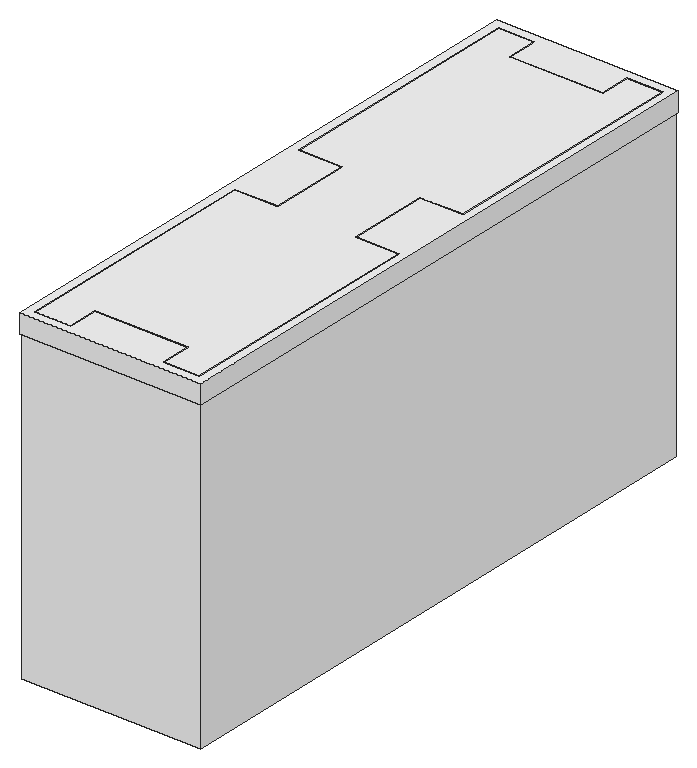
Revit family "NBS_CordekLtd_DschrgeAndVntltngStackTrmntns_GroundLevelVentBox-CGV-020", category Specialty Equipment, Revit 2014
Parameters (values of type "CGV-020")
  Width = 150.00 mm
  Weight = "n/a"
  WarrantyStartDate [instance] = "1900-12-31T23:59:59"
  WarrantyGuarantorParts = "n/a"
  WarrantyGuarantorLabor = "n/a"
  WarrantyDurationUnit = "year"
  WarrantyDurationParts = "n/a"
  WarrantyDurationLabor = "n/a"
  WarrantyDescription = "n/a"
  Version = "1"  # constant formula
  VentBoxMaterial = NBS_Concept
  VentBoxLidMaterial = NBS_Concept_Slotted
  Uniclass2015Version = "Products v1.1"  # constant formula
  Uniclass2015Reference = "Pr_65_52_61_23"
  Uniclass2015Description = "Discharge and ventilating stack terminations"
  Uniclass2 = "90-62-24/422"
  TagNumber [instance] = "n/a"
  SustainabilityPerformance = "n/a"
  Size = "500 x 150 x 275 mm"
  Shape = "Rectangular"
  SerialNumber [instance] = "n/a"
  Revision = "n/a"
  ReplacementCost = "n/a"
  Reference = "n/a"
  ProductInformation = "www.cordek.com/uploads/data_sheets/M-DS32_ground_level_vent_box_data_sheet_v2_cordek.pdf"
  NominalWidth = Width  # 150.00 mm
  NominalLength = Length  # 500.00 mm
  NominalHeight = Height  # 275.00 mm
  Name = "DischargeAndVentilatingStackTerminations_GroundLevelVentBox-CGV-020_CordekLtd"
  NBSTypeID = "n/a"
  NBSReference = "90-10-60/437"
  NBSOfficeMasterTag = "n/a"
  NBSNote = "n/a"
  NBSDescription = "Discharge and ventilating stack terminations"
  NBSCertification = "http://www.nationalbimlibrary.com/cert/uhyqzhm1"
  ModelReference = "Ground Level Vent Box - CGV-020"
  ModelNumber = "CGV-020"
  Material = "Lid: Galvanized steel"
  ManufacturerURL = "www.cordek.com"
  ManufacturerName = "Cordek Ltd"  # constant formula
  Manufacturer = "info@cordek.com"  # constant formula
  Length = 500.00 mm
  InstallationDate [instance] = "1900-12-31T23:59:59"
  IfcExportType = "NOTDEFINED"  # constant formula
  IfcExportAs = "IfcStackTerminalType"  # constant formula
  Height = 275.00 mm
  Grade = "n/a"
  FreeAirFlow = "19200 mm²"
  Finish = "n/a"
  Features = "Side connection into vent box prevents surface water from entering the gas inlet, base connection to stormwater collection, land drainage or soakaway system, removable mesh over drain outlet to prevent blockage by debris"
  ExpectedLife = "n/a"
  DurationUnit = "year"
  Description = "Ground level vent box with galvanized steel slotted lid"
  Constituents = "n/a"
  ConnectionSizes = "Gas inlet: 110 mm; Water outlet: 110 mm"
  ColourOptions = "n/a"
  Color = "n/a"
  CodePerformance = "n/a"
  Category = "Pr_65_52_61_23:Discharge and ventilating stack terminations"
  BarCode [instance] = "n/a"
  BIMObjectName = "NBS_CordekLtd_DischargeAndVentilatingStackTerminations_GroundLevelVentBox-CGV-020"
  Author = "NBS"  # constant formula
  AssetType = "Fixed"
  AssetIdentifier [instance] = "n/a"
  Arrangement = "Ground level vent box with slotted lid"
  Accessories = "n/a"
  AccessibilityPerformance = "n/a"
Reference planes
  plane 1 "Center (Front/Back)": y = 0
  plane 2: z = 0
  plane 3 "Center (Left/Right)": x = 0
  plane 4: y = -364
  plane 5: z = -110
  plane 6 "Back": y = -504
  plane 7 "Front": y = -4
  plane 8 "Left": x = -75
  plane 9 "Right": x = 75
  plane 10: z = -275
  plane 11: y = -254
Forms (mm)
  Extrusion 1, solid, material "NBS_Concept" <- "VentBoxMaterial"
    sketch origin (0, 0, 0) x (1, 0, 0) y (0, 1, 0)
      loop
        line (-75, -6) -> (-75, -504) -> (75, -504) -> (75, -6) -> (73, -6) -> (73, -502) -> (-73, -502) -> (-73, -6) -> (-75, -6)
    from -275 to -15
  Extrusion 2, solid, material "NBS_Concept" <- "VentBoxMaterial"
    sketch origin (0, 0, 0) x (1, 0, 0) y (0, 1, 0)
      loop
        line (-73, -6) -> (-73, -502) -> (73, -502) -> (73, -6) -> (-73, -6)
      loop
        circle (0, -364) r 52.5
    from -275 to -273
  Revolve 3, solid, material "NBS_Concept" <- "VentBoxMaterial", detail levels fine
    sketch origin (0, 0, 0) x (0, 1, 0) y (0, 0, 1)
      loop
        line (-309, -275) -> (-311.5, -275) -> (-311.5, -279) -> (-309, -279) -> (-309, -275)
      axis (-364, -275) -> (-364, -279)
    angle from 0 to 360
  Revolve 4, solid, material "NBS_Concept" <- "VentBoxMaterial", detail levels fine
    sketch origin (0, 0, 0) x (0, 1, 0) y (0, 0, 1)
      loop
        line (0, -55) -> (-4, -55) -> (-4, -57.5) -> (0, -57.5) -> (0, -55)
      axis (-4, -110) -> (0, -110)
    angle from 0 to 360
  Extrusion 5, solid, material "NBS_Concept" <- "VentBoxMaterial"
    sketch origin (0, 0, 0) x (1, 0, 0) y (0, 0, 1)
      loop
        line (-75, -15) -> (-75, -275) -> (75, -275) -> (75, -15) -> (-75, -15)
      loop
        circle (0, -110) r 52.5
    from 4 to 6
  Extrusion 6, solid, material "NBS_Concept" <- "VentBoxMaterial", detail levels fine
    sketch origin (0, 0, 0) x (1, 0, 0) y (0, 1, 0)
      loop
        line (-76, -505) -> (76, -505) -> (76, -3) -> (-76, -3) -> (-76, -505)
      loop
        line (-69, -10.245) -> (-69, -220.144) -> (-33, -220.144) -> (-33, -287.856) -> (-69, -287.856) -> (-69, -497.755) -> (-39, -497.755) -> (-39, -472.518) -> (39, -472.518) -> (39, -497.755) -> (69, -497.755) -> (69, -287.856) -> (33, -287.856) -> (33, -220.144) -> (69, -220.144) -> (69, -10.245) -> (39, -10.245) -> (39, -35.482) -> (-39, -35.482) -> (-39, -10.245) -> (-69, -10.245)
    from 0 to 1
  Extrusion 7, solid, material "NBS_Concept" <- "VentBoxMaterial", detail levels fine
    sketch origin (0, 0, 0) x (1, 0, 0) y (0, 1, 0)
      loop
        line (-76, -3) -> (-76, -505) -> (76, -505) -> (76, -3) -> (-76, -3)
      loop
        line (75, -504) -> (75, -4) -> (-75, -4) -> (-75, -504) -> (75, -504)
    from 0 to -15
  Extrusion 8, solid, material "NBS_Concept" <- "VentBoxMaterial", detail levels coarse+medium
    sketch origin (0, 0, 0) x (1, 0, 0) y (0, 1, 0)
      loop
        line (-76, -3) -> (-76, -505) -> (76, -505) -> (76, -3) -> (-76, -3)
    from -15 to 1
  Extrusion 9, solid, material "NBS_Concept_Slotted" <- "VentBoxLidMaterial", detail levels fine
    sketch origin (0, -0.356, 0) x (1, 0, 0) y (0, 1, 0)
      loop
        line (-69, -9.889) -> (-69, -219.788) -> (-33, -219.788) -> (-33, -287.5) -> (-69, -287.5) -> (-69, -497.399) -> (-39, -497.399) -> (-39, -472.162) -> (39, -472.162) -> (39, -497.399) -> (69, -497.399) -> (69, -287.5) -> (33, -287.5) -> (33, -219.788) -> (69, -219.788) -> (69, -9.889) -> (39, -9.889) -> (39, -35.126) -> (-39, -35.126) -> (-39, -9.889) -> (-69, -9.889)
    from 0 to 1
  Extrusion 10, void
    sketch origin (0, 0, 0) x (1, 0, 0) y (0, 1, 0)
      loop
        line (-76, 0) -> (-76, -505) -> (76, -505) -> (76, 0) -> (-76, 0)
    from 0 to -279
Cuts and joins
  joined: Extrusion 1, Extrusion 2, Extrusion 5
  joined: Extrusion 6, Extrusion 7
Lines and regions (mm)
  model lines, detail levels coarse+medium
    curve 1: line (69, -497.755, 1) -> (-69, -497.755, 1)
    curve 2: line (69, -10.245, 1) -> (69, -497.755, 1)
    curve 3: line (-69, -10.245, 1) -> (69, -10.245, 1)
    curve 4: line (-69, -497.755, 1) -> (-69, -10.245, 1)
Dimensions and locks
  locked: plane 7 "Front" to plane 1 "Center (Front/Back)" at 4
  "Length": plane 6 "Back" to plane 7 "Front"
  equal spacing: plane 8 "Left", plane 3 "Center (Left/Right)", plane 9 "Right"
  "Width": plane 8 "Left" to plane 9 "Right"
  locked: level to plane 5 at 110
  "Height": level to plane 10
  locked: plane 6 "Back" to plane 4 at 140
  locked: plane 8 "Left" to Extrusion 1 sketch curve at 2
  locked: Extrusion 1 sketch curve to plane 9 "Right" at 2
  locked: plane 6 "Back" to Extrusion 1 sketch curve at 2
  locked: Extrusion 1 sketch curve to plane 7 "Front" at 2  (x2)
  equal spacing: plane 6 "Back", plane 11, plane 7 "Front"
  aligned and locked: level to plane 2
  aligned and locked: plane 4 to Revolve 3 sketch curve
  aligned and locked: plane 5 to Revolve 4 sketch curve
  aligned and locked: plane 3 "Center (Left/Right)" to Extrusion 2 sketch curve
  aligned and locked: plane 4 to Extrusion 2 sketch curve
  aligned and locked: plane 3 "Center (Left/Right)" to Extrusion 5 sketch curve
  aligned and locked: plane 5 to Extrusion 5 sketch curve
  aligned and locked: Extrusion 5 to Extrusion 1
  aligned and locked: Extrusion 6 to level
  aligned and locked: Extrusion 9 to level
  aligned and locked: cut or joined group of Extrusion 6, Extrusion 7 to Extrusion 9
  aligned and locked: Extrusion 10 sketch curve to Extrusion 8  (x2)
  aligned and locked: plane 1 "Center (Front/Back)" to Extrusion 10 sketch curve
  aligned and locked: Extrusion 10 to level
  aligned and locked: Extrusion 10 to Revolve 3
Automatic sketch dimensions
  Extrusion 1 sketch curve to plane 8 "Left" = 0.00 mm
  plane 6 "Back" to Extrusion 1 sketch curve = 0.00 mm
  Extrusion 1 sketch curve to plane 9 "Right" = 0.00 mm
  Extrusion 2 sketch curve to plane 8 "Left" = 2.00 mm
  plane 9 "Right" to Extrusion 2 sketch curve = 2.00 mm
  Extrusion 2 sketch curve to plane 6 "Back" = 2.00 mm
  plane 7 "Front" to Extrusion 2 sketch curve = 2.00 mm
  plane 10 to Revolve 3 sketch curve = 0.00 mm
  plane 4 to Revolve 3 sketch curve = 52.50 mm
  Revolve 3 sketch curve to Revolve 3 sketch curve = 2.50 mm
  Revolve 3 sketch curve to Revolve 3 sketch curve = 4.00 mm
  plane 10 to Revolve 3 sketch curve = 52.00 mm
  Revolve 3 sketch curve to plane 10 = 2.00 mm
  Revolve 4 sketch curve to plane 7 "Front" = 0.00 mm
  Revolve 4 sketch curve to plane 1 "Center (Front/Back)" = 0.00 mm
  plane 5 to Revolve 4 sketch curve = 52.50 mm
  Revolve 4 sketch curve to Revolve 4 sketch curve = 2.50 mm
  plane 7 "Front" to Revolve 4 sketch curve = 2.00 mm
  Revolve 4 sketch curve to plane 1 "Center (Front/Back)" = 96.00 mm
  plane 8 "Left" to Extrusion 5 sketch curve = 0.00 mm
  Extrusion 5 sketch curve to level = 15.00 mm
  plane 9 "Right" to Extrusion 5 sketch curve = 0.00 mm
  Extrusion 5 sketch curve to plane 10 = 0.00 mm
  plane 7 "Front" to Extrusion 7 sketch curve = 0.00 mm
  Extrusion 7 sketch curve to plane 8 "Left" = 0.00 mm
  Extrusion 7 sketch curve to plane 9 "Right" = 0.00 mm
  plane 6 "Back" to Extrusion 7 sketch curve = 0.00 mm
  plane 8 "Left" to Extrusion 7 sketch curve = 1.00 mm
  Extrusion 7 sketch curve to plane 9 "Right" = 1.00 mm
  plane 6 "Back" to Extrusion 7 sketch curve = 1.00 mm
  Extrusion 7 sketch curve to plane 7 "Front" = 1.00 mm
  plane 8 "Left" to Extrusion 8 sketch curve = 1.00 mm
  Extrusion 8 sketch curve to plane 9 "Right" = 1.00 mm
  plane 6 "Back" to Extrusion 8 sketch curve = 1.00 mm
  Extrusion 8 sketch curve to plane 7 "Front" = 1.00 mm
  plane 8 "Left" to Extrusion 6 sketch curve = 1.00 mm
  Extrusion 6 sketch curve to plane 8 "Left" = 6.00 mm  (x2)
  Extrusion 6 sketch curve to plane 8 "Left" = 36.00 mm
  Extrusion 6 sketch curve to plane 6 "Back" = 6.245 mm  (x2)
  Extrusion 6 sketch curve to Extrusion 6 sketch curve = 30.00 mm
  plane 7 "Front" to Extrusion 6 sketch curve = 6.245 mm  (x2)
  plane 9 "Right" to Extrusion 6 sketch curve = 36.00 mm  (x2)
  plane 9 "Right" to Extrusion 6 sketch curve = 6.00 mm  (x2)
  Extrusion 6 sketch curve to plane 9 "Right" = 1.00 mm
  plane 6 "Back" to Extrusion 6 sketch curve = 1.00 mm
  Extrusion 6 sketch curve to Extrusion 6 sketch curve = 25.237 mm  (x2)
  plane 4 to Extrusion 6 sketch curve = 76.144 mm
  Extrusion 6 sketch curve to Extrusion 6 sketch curve = 0.00 mm  (x2)
  Extrusion 6 sketch curve to Extrusion 6 sketch curve = 67.712 mm
  Extrusion 6 sketch curve to plane 7 "Front" = 1.00 mm
  Extrusion 6 sketch curve to plane 3 "Center (Left/Right)" = 33.00 mm
  plane 3 "Center (Left/Right)" to Extrusion 6 sketch curve = 33.00 mm
  plane 7 "Front" to Extrusion 9 sketch curve = 6.245 mm  (x2)
  plane 9 "Right" to Extrusion 9 sketch curve = 144.00 mm  (x2)
  Extrusion 9 sketch curve to plane 6 "Back" = 6.245 mm  (x2)
  Extrusion 9 sketch curve to Extrusion 9 sketch curve = 30.00 mm  (x3)
  Extrusion 9 sketch curve to Extrusion 9 sketch curve = 36.00 mm  (x2)
  Extrusion 9 sketch curve to Extrusion 9 sketch curve = 66.00 mm
  Extrusion 9 sketch curve to Extrusion 9 sketch curve = 78.00 mm  (x2)
  Extrusion 9 sketch curve to plane 6 "Back" = 31.482 mm
  plane 4 to Extrusion 9 sketch curve = 76.144 mm
  Extrusion 9 sketch curve to Extrusion 9 sketch curve = 0.00 mm
  Extrusion 9 sketch curve to Extrusion 9 sketch curve = 67.712 mm  (x2)
  Extrusion 9 sketch curve to Extrusion 9 sketch curve = 25.237 mm
  plane 6 "Back" to Extrusion 10 sketch curve = 1.00 mm
  curve 1 to Extrusion 8 = 7.00 mm
  curve 3 to Extrusion 8 = 7.00 mm
  curve 1 to Extrusion 8 = 7.245 mm
  curve 3 to Extrusion 8 = 7.245 mm
  radius of Extrusion 2 sketch curve = 52.50 mm
  radius of Extrusion 5 sketch curve = 52.50 mm
Connectors
  piping at (0, -364, -275), diameter 110
    settings: on cut or joined group of Extrusion 1, Extrusion 2, Extrusion 5, index 1, connector inside diameter 609.6 mm, connector length 0.00 mm, flow factor 0, pipe flow 0.0 L/s, pressure drop 0.0 Pa, fitting loss kfactor 0, connector angle 0.00°, fixture units 0, engagement length 0.00 mm, angle of deflection 0.00°, flow configuration 0, flow direction 2, fitting loss method 0, system type 17, joint type 0, gender type 0, connector reference index -1, connector utility 0, adjustable connector no, is connector primary yes, connector description ""
  piping at (0, -4, -110), diameter 110
    settings: on cut or joined group of Extrusion 1, Extrusion 2, Extrusion 5, index 2, connector inside diameter 609.6 mm, connector length 0.00 mm, flow factor 0, pipe flow 0.0 L/s, pressure drop 0.0 Pa, fitting loss kfactor 0, connector angle 0.00°, fixture units 0, engagement length 0.00 mm, angle of deflection 0.00°, flow configuration 0, flow direction 1, fitting loss method 0, system type 17, joint type 0, gender type 0, connector reference index -1, connector utility 0, adjustable connector no, is connector primary no, connector description ""
